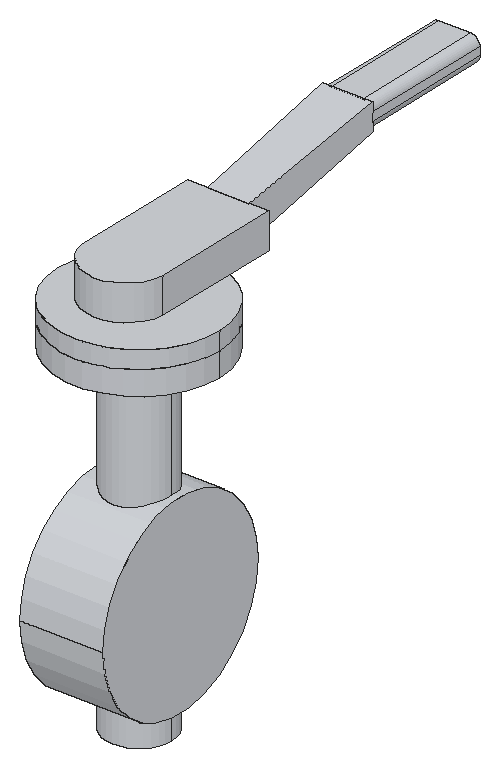
Revit family "HS497-68_disk-nerez_s pákou DN065-RFA_2018", category Pipe Accessories, Revit 2018
Family settings
  Round Connector Dimension = Use Diameter
  Part Type = Valve - Breaks Into
  Work Plane-Based = No
  Always vertical = Yes
  Cut with Voids When Loaded = No
  Shared = No
Parameters (values of type "HS 497-68_DN065_PN16_s pákou")
  magiProductId = "ebeb4b59db0641caaf6d6635ab37b9"
  magiProductFamilyId = "53cea81e6f374d17b8841d9c72ad77"
  magiPartTypeId = 305
  isMeasuringValve [instance] = no
  ang2D [instance] = 0.00°
  X11 = 61.456 mm
  X1 = 25.456 mm
  W2D = 1000 mm
  VersionID = "2.0/2017.9.26.1/ZETKAMA_497_001"
  Use Minimum Symbol Size [instance] = yes
  URL = "http://www.hydronic.cz"
  Type Comments = "mezipřírubová; nerezový disk; PN16; -10~+110°C (krátkodobě +120°C)"
  SW30 = no
  SW3 = no
  SW21 = no
  SW20 = yes
  SW2 = yes
  SW1 = no
  R = 32.5 mm
  QmdConnectorList = "301;D;302;D"
  Productdata [instance] = ""
  NC = 50 mm
  Manufacturer = "Hydronic Systems Prague s.r.o."
  MM20 = 25.456 mm
  MC Product Code = "121 065 (nerezový disk, s pákou; DN65; PN16, kvs167)"
  M41 = 66 mm
  M4 = 44 mm
  LHL = 220 mm
  LHH3 = 2.45 mm
  LHH1 = 46.55 mm
  LH1 = 73.333 mm
  L4R__ve = -L4R  # -12.8 mm
  L4R = 12.8 mm
  L42__ve = -L42  # -96 mm
  L42 = 96 mm
  L41__ve = -L41  # -19.2 mm
  L41 = 19.2 mm
  L2D_Min = 3048 mm
  L2D = 216 mm
  L2 = 23 mm
  L1 = 36.8 mm
  L = 46 mm
  H = 30 mm
  G22 = 11.25 mm
  G2 = 22.5 mm
  G1 = 90 mm
  G = 90 mm
  F = 11 mm
  E44 = 31.25 mm
  E42 = 62.5 mm
  E4 = 125 mm
  E23 = 4.9 mm
  E22 = 19.6 mm
  E21 = 9.8 mm
  Description = "Mezipřírubová uzavírací klapka s pákou; nerezový disk, DN65; PN16; kvs167"
  DR2 = 32.5 mm
  DR = 108 mm
  DD1 = 15.625 mm
  DD = 12.5 mm
  D = 65 mm
  CAT0 = yes
  B2__ve = -B2  # -36.5 mm
  B2 = 36.5 mm
  A2 = 13.5 mm
  A1 = 89 mm
Types (43, lengths in mm): name | magiProductId | X11 | X1 | Type Comments | SW30 | SW3 | SW20 | SW2 | SW1 | R | NC | Manufacturer | MM20 | MC Product Code | M41 | M4 | LHL | LHH3 | LHH1 | LH1 | L4R__ve | L4R | L42__ve | L42 | L41__ve | L41 | L2 | L1 | L | H | G | F | E44 | E42 | E4 | E23 | E22 | E21 | Description | DR2 | DR | DD1 | DD | D | B2__ve | B2 | A2 | A1
  HS 497-68_DN100_PN16_volné vřeteno | "65d1b245f4f142c78569c0602d5754" | 61.456 | 25.456 | "mezipřírubová; nerezový disk; PN16; -10~+110°C (krátkodobě +120°C)" | no | no | no | no | yes | 50 | 50 | "Hydronic Systems Prague s.r.o." | 25.456 | "124 100 (nerezový disk, s volným vřetenem; DN100; PN16, kvs512)" | 66 | 44 | 220 | 2.45 | 46.55 | 73.333 | -12.8 | 12.8 | -96 | 96 | -19.2 | 19.2 | 26 | 41.6 | 52 | 30 | 90 | 11 | 31.25 | 62.5 | 125 | 4.9 | 19.6 | 9.8 | "Mezipřírubová uzavírací klapka s volným vřetenem; nerezový disk, DN100; PN16; kvs512" | 50 | 147 | 15.625 | 12.5 | 100 | -56 | 56 | 16.5 | 98.5
  HS 497-68_DN100_PN16_převodové kolo | "11e91b807e674d428c8e796fcdcfe2" | 61.456 | 25.456 | "mezipřírubová; nerezový disk; PN16; -10~+110°C (krátkodobě +120°C)" | yes | yes | no | no | no | 50 | 50 | "Hydronic Systems Prague s.r.o." | 25.456 | "126 100 (nerezový disk, s převodovým kolem; DN100; PN16, kvs512)" | 65.25 | 43.5 | 220 | 2.45 | 46.55 | 73.333 | -12.8 | 12.8 | -96 | 96 | -19.2 | 19.2 | 26 | 41.6 | 52 | 30 | 90 | 11 | 31.25 | 62.5 | 125 | 4.9 | 19.6 | 9.8 | "Mezipřírubová uzavírací klapka s převodovým kolem; nerezový disk, DN100; PN16; kvs512" | 50 | 147 | 15.625 | 12.5 | 100 | -56 | 56 | 16.5 | 98.5
  HS 497-68_DN100_PN16_s pákou | "28172f0b3f4b47b28323ac71cf8749" | 61.456 | 25.456 | "mezipřírubová; nerezový disk; PN16; -10~+110°C (krátkodobě +120°C)" | no | no | yes | yes | no | 50 | 50 | "Hydronic Systems Prague s.r.o." | 25.456 | "121 100 (nerezový disk, s pákou; DN100; PN16, kvs512)" | 66 | 44 | 260 | 3 | 57 | 86.667 | -12.8 | 12.8 | -96 | 96 | -19.2 | 19.2 | 26 | 41.6 | 52 | 30 | 90 | 11 | 31.25 | 62.5 | 125 | 6 | 24 | 12 | "Mezipřírubová uzavírací klapka s pákou; nerezový disk, DN100; PN16; kvs512" | 50 | 147 | 15.625 | 12.5 | 100 | -56 | 56 | 16.5 | 98.5
  HS 497-68_DN125_PN16_volné vřeteno | "0d813d910fc14f628bb3c2efbd185c" | 61.456 | 25.456 | "mezipřírubová; nerezový disk; PN16; -10~+110°C (krátkodobě +120°C)" | no | no | no | no | yes | 62.5 | 50 | "Hydronic Systems Prague s.r.o." | 25.456 | "124 125 (nerezový disk, s volným vřetenem; DN125; PN16, kvs872)" | 66 | 44 | 220 | 2.45 | 46.55 | 73.333 | -12.8 | 12.8 | -96 | 96 | -19.2 | 19.2 | 28 | 44.8 | 56 | 33 | 90 | 14 | 31.25 | 62.5 | 125 | 4.9 | 19.6 | 9.8 | "Mezipřírubová uzavírací klapka s volným vřetenem; nerezový disk, DN125; PN16; kvs872" | 62.5 | 180 | 15.625 | 12.5 | 125 | -64 | 64 | 18 | 99.5
  HS 497-68_DN125_PN16_převodové kolo | "c56b7c13f372467684996fb1e0e229" | 61.456 | 25.456 | "mezipřírubová; nerezový disk; PN16; -10~+110°C (krátkodobě +120°C)" | yes | yes | no | no | no | 62.5 | 50 | "Hydronic Systems Prague s.r.o." | 25.456 | "126125 (nerezový disk, s převodovým kolem; DN125; PN16, kvs872)" | 65.25 | 43.5 | 220 | 2.45 | 46.55 | 73.333 | -13.5 | 13.5 | -101.25 | 101.25 | -20.25 | 20.25 | 28 | 44.8 | 56 | 33 | 90 | 14 | 40 | 80 | 160 | 4.9 | 19.6 | 9.8 | "Mezipřírubová uzavírací klapka s převodovým kolem; nerezový disk, DN125; PN16; kvs872" | 62.5 | 180 | 20 | 16 | 125 | -64 | 64 | 18 | 99.5
  HS 497-68_DN125_PN16_s pákou | "105993c79a91492399feef7931321a" | 61.456 | 25.456 | "mezipřírubová; nerezový disk; PN16; -10~+110°C (krátkodobě +120°C)" | no | no | yes | yes | no | 62.5 | 50 | "Hydronic Systems Prague s.r.o." | 25.456 | "121 125 (nerezový disk, s pákou; DN125; PN16, kvs872)" | 66 | 44 | 315 | 3.75 | 71.25 | 105 | -12.8 | 12.8 | -96 | 96 | -19.2 | 19.2 | 28 | 44.8 | 56 | 33 | 90 | 14 | 31.25 | 62.5 | 125 | 7.5 | 30 | 15 | "Mezipřírubová uzavírací klapka s pákou; nerezový disk, DN125; PN16; kvs872" | 62.5 | 180 | 15.625 | 12.5 | 125 | -64 | 64 | 18 | 99.5
  HS 497-68_DN150_PN16_volné vřeteno | "50c80cb8ab434f55ab7796e5ac1331" | 61.456 | 25.456 | "mezipřírubová; nerezový disk; PN16; -10~+110°C (krátkodobě +120°C)" | no | no | no | no | yes | 75 | 50 | "Hydronic Systems Prague s.r.o." | 25.456 | "124 150 (nerezový disk, s volným vřetenem; DN150; PN16, kvs1347)" | 66 | 44 | 220 | 2.45 | 46.55 | 73.333 | -12.8 | 12.8 | -96 | 96 | -19.2 | 19.2 | 28 | 44.8 | 56 | 33 | 90 | 14 | 31.25 | 62.5 | 125 | 4.9 | 19.6 | 9.8 | "Mezipřírubová uzavírací klapka s volným vřetenem; nerezový disk, DN150; PN16; kvs1347" | 75 | 206 | 15.625 | 12.5 | 150 | -58 | 58 | 19.3 | 98.7
  HS 497-68_DN150_PN16_převodové kolo | "d94a1a0cf83b476eb10011b327f709" | 61.456 | 25.456 | "mezipřírubová; nerezový disk; PN16; -10~+110°C (krátkodobě +120°C)" | yes | yes | no | no | no | 75 | 50 | "Hydronic Systems Prague s.r.o." | 25.456 | "126 150 (nerezový disk, s převodovým kolem; DN150; PN16, kvs1347)" | 65.25 | 43.5 | 220 | 2.45 | 46.55 | 73.333 | -13.5 | 13.5 | -101.25 | 101.25 | -20.25 | 20.25 | 28 | 44.8 | 56 | 33 | 90 | 14 | 40 | 80 | 160 | 4.9 | 19.6 | 9.8 | "Mezipřírubová uzavírací klapka s převodovým kolem; nerezový disk, DN150; PN16; kvs1347" | 75 | 206 | 20 | 16 | 150 | -58 | 58 | 19.3 | 98.7
  HS 497-68_DN150_PN16_s pákou | "4d2835523fe84828bc50ff0a5a0dfb" | 61.456 | 25.456 | "mezipřírubová; nerezový disk; PN16; -10~+110°C (krátkodobě +120°C)" | no | no | yes | yes | no | 75 | 50 | "Hydronic Systems Prague s.r.o." | 25.456 | "121 150 (nerezový disk, s pákou; DN150; PN16, kvs1347)" | 66 | 44 | 315 | 3.75 | 71.25 | 105 | -12.8 | 12.8 | -96 | 96 | -19.2 | 19.2 | 28 | 44.8 | 56 | 33 | 90 | 14 | 31.25 | 62.5 | 125 | 7.5 | 30 | 15 | "Mezipřírubová uzavírací klapka s pákou; nerezový disk, DN150; PN16; kvs1347" | 75 | 206 | 15.625 | 12.5 | 150 | -58 | 58 | 19.3 | 98.7
  HS 497-68_DN200_PN16_volné vřeteno | "5b29029eaeba47139ee1055a4b9201" | 61.456 | 25.456 | "mezipřírubová; nerezový disk; PN16; -10~+110°C (krátkodobě +120°C)" | no | no | no | no | yes | 100 | 50 | "Hydronic Systems Prague s.r.o." | 25.456 | "124 200 (nerezový disk, s volným vřetenem; DN200; PN16, kvs2675)" | 66 | 44 | 220 | 2.45 | 46.55 | 73.333 | -12.8 | 12.8 | -96 | 96 | -19.2 | 19.2 | 30 | 48 | 60 | 33 | 90 | 17 | 31.25 | 62.5 | 125 | 4.9 | 19.6 | 9.8 | "Mezipřírubová uzavírací klapka s volným vřetenem; nerezový disk, DN200; PN16; kvs2675" | 100 | 257 | 15.625 | 12.5 | 200 | -70 | 70 | 22.5 | 102.5
  HS 497-68_DN200_PN16_převodové kolo | "b2793cc1fcc44cf2a35062cd67c04f" | 61.456 | 25.456 | "mezipřírubová; nerezový disk; PN16; -10~+110°C (krátkodobě +120°C)" | yes | yes | no | no | no | 100 | 57 | "Hydronic Systems Prague s.r.o." | 25.456 | "126 200 (nerezový disk, s převodovým kolem; DN200; PN16, kvs2675)" | 78.75 | 52.5 | 220 | 2.45 | 46.55 | 73.333 | -15.2 | 15.2 | -114 | 114 | -22.8 | 22.8 | 30 | 48 | 60 | 33 | 90 | 17 | 50 | 100 | 200 | 4.9 | 19.6 | 9.8 | "Mezipřírubová uzavírací klapka s převodovým kolem; nerezový disk, DN200; PN16; kvs2675" | 100 | 257 | 25 | 20 | 200 | -70 | 70 | 22.5 | 102.5
  HS 497-68_DN200_PN16_s pákou | "f88d96c7af224537a51e72d7d8fffe" | 61.456 | 25.456 | "mezipřírubová; nerezový disk; PN16; -10~+110°C (krátkodobě +120°C)" | no | no | yes | yes | no | 100 | 50 | "Hydronic Systems Prague s.r.o." | 25.456 | "121 200 (nerezový disk, s pákou; DN200; PN16, kvs2675)" | 66 | 44 | 315 | 3.75 | 71.25 | 105 | -12.8 | 12.8 | -96 | 96 | -19.2 | 19.2 | 30 | 48 | 60 | 33 | 90 | 17 | 31.25 | 62.5 | 125 | 7.5 | 30 | 15 | "Mezipřírubová uzavírací klapka s pákou; nerezový disk, DN200; PN16; kvs2675" | 100 | 257 | 15.625 | 12.5 | 200 | -70 | 70 | 22.5 | 102.5
  HS 497-68_DN250_PN16_volné vřeteno | "b662e8305ca2402b9c510e66e6aa55" | 88.77 | 36.77 | "mezipřírubová; nerezový disk; PN16; -10~+110°C (krátkodobě +120°C)" | no | no | no | no | yes | 125 | 50 | "Hydronic Systems Prague s.r.o." | 36.77 | "124 250 (nerezový disk, s volným vřetenem; DN250; PN16, kvs4555)" | 66 | 44 | 220 | 2.45 | 46.55 | 73.333 | -12.8 | 12.8 | -96 | 96 | -19.2 | 19.2 | 34 | 54.4 | 68 | 23 | 130 | 22 | 31.25 | 62.5 | 125 | 4.9 | 19.6 | 9.8 | "Mezipřírubová uzavírací klapka s volným vřetenem; nerezový disk, DN250; PN16; kvs4555" | 125 | 324 | 15.625 | 12.5 | 250 | -85 | 85 | 28.25 | 129.25
  HS 497-68_DN250_PN16_převodové kolo | "5ee9016806664ddfaa2632711f295c" | 88.77 | 36.77 | "mezipřírubová; nerezový disk; PN16; -10~+110°C (krátkodobě +120°C)" | yes | yes | no | no | no | 125 | 70 | "Hydronic Systems Prague s.r.o." | 36.77 | "126 250 (nerezový disk, s převodovým kolem; DN250; PN16, kvs4555)" | 91.5 | 61 | 220 | 2.45 | 46.55 | 73.333 | -22.2 | 22.2 | -166.5 | 166.5 | -33.3 | 33.3 | 34 | 54.4 | 68 | 23 | 130 | 22 | 62.5 | 125 | 250 | 4.9 | 19.6 | 9.8 | "Mezipřírubová uzavírací klapka s převodovým kolem; nerezový disk, DN250; PN16; kvs4555" | 125 | 324 | 31.25 | 25 | 250 | -85 | 85 | 28.25 | 129.25
  HS 497-68_DN300_PN16_volné vřeteno | "e1886f51ff004380a649519258edf2" | 88.77 | 36.77 | "mezipřírubová; nerezový disk; PN16; -10~+110°C (krátkodobě +120°C)" | no | no | no | no | yes | 150 | 50 | "Hydronic Systems Prague s.r.o." | 36.77 | "124 300 (nerezový disk, s volným vřetenem; DN300; PN16, kvs7037)" | 66 | 44 | 220 | 2.45 | 46.55 | 73.333 | -12.8 | 12.8 | -96 | 96 | -19.2 | 19.2 | 39 | 62.4 | 78 | 23 | 130 | 22 | 31.25 | 62.5 | 125 | 4.9 | 19.6 | 9.8 | "Mezipřírubová uzavírací klapka s volným vřetenem; nerezový disk, DN300; PN16; kvs7037" | 150 | 376 | 15.625 | 12.5 | 300 | -90 | 90 | 30.8 | 127.2
  HS 497-68_DN300_PN16_převodové kolo | "6860f094f77d42088fbebc3c97f755" | 88.77 | 36.77 | "mezipřírubová; nerezový disk; PN16; -10~+110°C (krátkodobě +120°C)" | yes | yes | no | no | no | 150 | 70 | "Hydronic Systems Prague s.r.o." | 36.77 | "126 300 (nerezový disk, s převodovým kolem; DN300; PN16, kvs7037)" | 91.5 | 61 | 220 | 2.45 | 46.55 | 73.333 | -22.2 | 22.2 | -166.5 | 166.5 | -33.3 | 33.3 | 39 | 62.4 | 78 | 23 | 130 | 22 | 62.5 | 125 | 250 | 4.9 | 19.6 | 9.8 | "Mezipřírubová uzavírací klapka s převodovým kolem; nerezový disk, DN300; PN16; kvs7037" | 150 | 376 | 31.25 | 25 | 300 | -90 | 90 | 30.8 | 127.2
  HS 497-68_DN032_PN16_volné vřeteno | "8c5f65de52aa4067a77564107e31b2" | 61.456 | 25.456 | "mezipřírubová; nerezový disk; PN16; -10~+110°C (krátkodobě +120°C)" | no | no | no | no | yes | 16 | 50 | "Hydronic Systems Prague s.r.o." | 25.456 | "124 032 (nerezový disk, s volným vřetenem; DN32; PN16, kvs78)" | 66 | 44 | 220 | 2.45 | 46.55 | 73.333 | -12.8 | 12.8 | -96 | 96 | -19.2 | 19.2 | 16.5 | 26.4 | 33 | 30 | 90 | 11 | 31.25 | 62.5 | 125 | 4.9 | 19.6 | 9.8 | "Mezipřírubová uzavírací klapka s volným vřetenem; nerezový disk, DN32; PN16; kvs78" | 16 | 68 | 15.625 | 12.5 | 32 | -44.2 | 44.2 | 10.25 | 76.25
  HS 497-68_DN032_PN16_převodové kolo | "60aaeffa8b3a4e809ef000e4660060" | 61.456 | 25.456 | "mezipřírubová; nerezový disk; PN16; -10~+110°C (krátkodobě +120°C)" | yes | yes | no | no | no | 16 | 50 | "Hydronic Systems Prague s.r.o." | 25.456 | "126 032 (nerezový disk, s převodovým kolem; DN32; PN16, kvs78)" | 65.25 | 43.5 | 220 | 2.45 | 46.55 | 73.333 | -12.8 | 12.8 | -96 | 96 | -19.2 | 19.2 | 16.5 | 26.4 | 33 | 30 | 90 | 11 | 31.25 | 62.5 | 125 | 4.9 | 19.6 | 9.8 | "Mezipřírubová uzavírací klapka s převodovým kolem; nerezový disk, DN32; PN16; kvs78" | 16 | 68 | 15.625 | 12.5 | 32 | -44.2 | 44.2 | 10.25 | 76.25
  HS 497-68_DN032_PN16_s pákou | "9ad8088d610749a1b871aa2aad8007" | 61.456 | 25.456 | "mezipřírubová; nerezový disk; PN16; -10~+110°C (krátkodobě +120°C)" | no | no | yes | yes | no | 16 | 50 | "Hydronic Systems Prague s.r.o." | 25.456 | "121 032 (nerezový disk, s pákou; DN32; PN16, kvs78)" | 66 | 44 | 220 | 2.45 | 46.55 | 73.333 | -12.8 | 12.8 | -96 | 96 | -19.2 | 19.2 | 16.5 | 26.4 | 33 | 30 | 90 | 11 | 31.25 | 62.5 | 125 | 4.9 | 19.6 | 9.8 | "Mezipřírubová uzavírací klapka s pákou; nerezový disk, DN32; PN16; kvs78" | 16 | 68 | 15.625 | 12.5 | 32 | -44.2 | 44.2 | 10.25 | 76.25
  HS 497-68_DN350_PN10_volné vřeteno | "72a1e05f22944421b7e9596a877137" | 109.255 | 45.255 | "mezipřírubová; nerezový disk; PN10; -10~+110°C (krátkodobě +120°C)" | no | no | no | no | yes | 175 | 50 | "Hydronic Systems Prague s.r.o." | 45.255 | "124 350 (nerezový disk, s volným vřetenem; DN350; PN10, kvs10165)" | 66 | 44 | 220 | 2.45 | 46.55 | 73.333 | -12.8 | 12.8 | -96 | 96 | -19.2 | 19.2 | 39 | 62.4 | 78 | 31 | 160 | 22 | 31.25 | 62.5 | 125 | 4.9 | 19.6 | 9.8 | "Mezipřírubová uzavírací klapka s volným vřetenem; nerezový disk, DN350; PN10; kvs10165" | 175 | 430 | 15.625 | 12.5 | 350 | -88 | 88 | 33.85 | 129.65
  HS 497-68_DN350_PN10_převodové kolo | "a5a01426cb28494ba3afca92f1dace" | 109.255 | 45.255 | "mezipřírubová; nerezový disk; PN10; -10~+110°C (krátkodobě +120°C)" | yes | yes | no | no | no | 175 | 70 | "Hydronic Systems Prague s.r.o." | 45.255 | "126 350 (nerezový disk, s převodovým kolem; DN350; PN10, kvs10165)" | 91.5 | 61 | 220 | 2.45 | 46.55 | 73.333 | -22.2 | 22.2 | -166.5 | 166.5 | -33.3 | 33.3 | 39 | 62.4 | 78 | 31 | 160 | 22 | 62.5 | 125 | 250 | 4.9 | 19.6 | 9.8 | "Mezipřírubová uzavírací klapka s převodovým kolem; nerezový disk, DN350; PN10; kvs10165" | 175 | 430 | 31.25 | 25 | 350 | -88 | 88 | 33.85 | 129.65
  HS 497-68_DN400_PN10_volné vřeteno | "c70ebeb927c04ab99b176e257ad0a7" | 109.255 | 45.255 | "mezipřírubová; nerezový disk; PN10; -10~+110°C (krátkodobě +120°C)" | no | no | no | no | yes | 200 | 50 | "Hydronic Systems Prague s.r.o." | 45.255 | "124 400 (nerezový disk, s volným vřetenem; DN400; PN10, kvs13799)" | 66 | 44 | 220 | 2.45 | 46.55 | 73.333 | -12.8 | 12.8 | -96 | 96 | -19.2 | 19.2 | 51 | 81.6 | 102 | 31 | 160 | 27 | 31.25 | 62.5 | 125 | 4.9 | 19.6 | 9.8 | "Mezipřírubová uzavírací klapka s volným vřetenem; nerezový disk, DN400; PN10; kvs13799" | 200 | 485 | 15.625 | 12.5 | 400 | -108 | 108 | 38 | 142
  HS 497-68_DN400_PN10_převodové kolo | "cc64a4384dcb41b780d81810f4f293" | 109.255 | 45.255 | "mezipřírubová; nerezový disk; PN10; -10~+110°C (krátkodobě +120°C)" | yes | yes | no | no | no | 200 | 72.5 | "Hydronic Systems Prague s.r.o." | 45.255 | "126 400 (nerezový disk, s převodovým kolem; DN400; PN10, kvs13799)" | 103.5 | 69 | 220 | 2.45 | 46.55 | 73.333 | -27.8 | 27.8 | -208.5 | 208.5 | -41.7 | 41.7 | 51 | 81.6 | 102 | 31 | 160 | 27 | 75 | 150 | 300 | 4.9 | 19.6 | 9.8 | "Mezipřírubová uzavírací klapka s převodovým kolem; nerezový disk, DN400; PN10; kvs13799" | 200 | 485 | 37.5 | 30 | 400 | -108 | 108 | 38 | 142
  HS 497-68_DN040_PN16_volné vřeteno | "35f92312390745e88df5b5c325d9ee" | 61.456 | 25.456 | "mezipřírubová; nerezový disk; PN16; -10~+110°C (krátkodobě +120°C)" | no | no | no | no | yes | 20 | 50 | "Hydronic Systems Prague s.r.o." | 25.456 | "124 040 (nerezový disk, s volným vřetenem; DN40; PN16, kvs78)" | 66 | 44 | 220 | 2.45 | 46.55 | 73.333 | -12.8 | 12.8 | -96 | 96 | -19.2 | 19.2 | 16.5 | 26.4 | 33 | 30 | 90 | 11 | 31.25 | 62.5 | 125 | 4.9 | 19.6 | 9.8 | "Mezipřírubová uzavírací klapka s volným vřetenem; nerezový disk, DN40; PN16; kvs78" | 20 | 76 | 15.625 | 12.5 | 40 | -36 | 36 | 11 | 79
  HS 497-68_DN040_PN16_převodové kolo | "d88e968eae3445bc9b7b4e6ff35127" | 61.456 | 25.456 | "mezipřírubová; nerezový disk; PN16; -10~+110°C (krátkodobě +120°C)" | yes | yes | no | no | no | 20 | 50 | "Hydronic Systems Prague s.r.o." | 25.456 | "126 040 (nerezový disk, s převodovým kolem; DN40; PN16, kvs78)" | 65.25 | 43.5 | 220 | 2.45 | 46.55 | 73.333 | -12.8 | 12.8 | -96 | 96 | -19.2 | 19.2 | 16.5 | 26.4 | 33 | 30 | 90 | 11 | 31.25 | 62.5 | 125 | 4.9 | 19.6 | 9.8 | "Mezipřírubová uzavírací klapka s převodovým kolem; nerezový disk, DN40; PN16; kvs78" | 20 | 76 | 15.625 | 12.5 | 40 | -36 | 36 | 11 | 79
  HS 497-68_DN040_PN16_s pákou | "c1b522ca65b4407a98818f232eaacb" | 61.456 | 25.456 | "mezipřírubová; nerezový disk; PN16; -10~+110°C (krátkodobě +120°C)" | no | no | yes | yes | no | 20 | 50 | "Hydronic Systems Prague s.r.o." | 25.456 | "121 040 (nerezový disk, s pákou; DN40; PN16, kvs78)" | 66 | 44 | 220 | 2.45 | 46.55 | 73.333 | -12.8 | 12.8 | -96 | 96 | -19.2 | 19.2 | 16.5 | 26.4 | 33 | 30 | 90 | 11 | 31.25 | 62.5 | 125 | 4.9 | 19.6 | 9.8 | "Mezipřírubová uzavírací klapka s pákou; nerezový disk, DN40; PN16; kvs78" | 20 | 76 | 15.625 | 12.5 | 40 | -36 | 36 | 11 | 79
  HS 497-68_DN450_PN10_volné vřeteno | "a8358bc282f14872b3194e530e590a" | 129.74 | 53.74 | "mezipřírubová; nerezový disk; PN10; -10~+110°C (krátkodobě +120°C)" | no | no | no | no | yes | 225 | 50 | "Hydronic Systems Prague s.r.o." | 53.74 | "124 450 (nerezový disk, s volným vřetenem; DN450; PN10, kvs18514)" | 66 | 44 | 220 | 2.45 | 46.55 | 73.333 | -12.8 | 12.8 | -96 | 96 | -19.2 | 19.2 | 57 | 91.2 | 114 | 38 | 190 | 36 | 31.25 | 62.5 | 125 | 4.9 | 19.6 | 9.8 | "Mezipřírubová uzavírací klapka s volným vřetenem; nerezový, DN450; PN10; kvs18514" | 225 | 536 | 15.625 | 12.5 | 450 | -115 | 115 | 38.05 | 117.45
  HS 497-68_DN450_PN10_převodové kolo | "cdf2d80f54a9414f9cbe50647c0ebd" | 129.74 | 53.74 | "mezipřírubová; nerezový disk; PN10; -10~+110°C (krátkodobě +120°C)" | yes | yes | no | no | no | 225 | 91.5 | "Zetkama" | 53.74 | "126 450 (nerezový disk, s převodovým kolem; DN450; PN10, kvs18514)" | 144.75 | 96.5 | 220 | 2.45 | 46.55 | 73.333 | -32.1 | 32.1 | -240.75 | 240.75 | -48.15 | 48.15 | 57 | 91.2 | 114 | 38 | 190 | 36 | 100 | 200 | 400 | 4.9 | 19.6 | 9.8 | "Mezipřírubová uzavírací klapka s převodovým kolem; nerezový disk, DN450; PN10; kvs18514" | 225 | 536 | 50 | 40 | 450 | -115 | 115 | 38.05 | 117.45
  HS 497-68_DN500_PN10_volné vřeteno | "8c396e27bb2743f98f3c762b6517cd" | 143.397 | 59.397 | "mezipřírubová; nerezový disk; PN10; -10~+110°C (krátkodobě +120°C)" | no | no | no | no | yes | 250 | 50 | "Hydronic Systems Prague s.r.o." | 59.397 | "124 500 (nerezový disk, s volným vřetenem; DN500; PN10, kvs23805)" | 66 | 44 | 220 | 2.45 | 46.55 | 73.333 | -12.8 | 12.8 | -96 | 96 | -19.2 | 19.2 | 63.5 | 101.6 | 127 | 38 | 210 | 36 | 31.25 | 62.5 | 125 | 4.9 | 19.6 | 9.8 | "Mezipřírubová uzavírací klapka s volným vřetenem; nerezový disk, DN500; PN10; kvs23805" | 250 | 593 | 15.625 | 12.5 | 500 | -130 | 130 | 43.25 | 139.25
  HS 497-68_DN500_PN10_převodové kolo | "7647804f32e94cef828a7034a91a46" | 143.397 | 59.397 | "mezipřírubová; nerezový disk; PN10; -10~+110°C (krátkodobě +120°C)" | yes | yes | no | no | no | 250 | 91.5 | "Zetkama" | 59.397 | "126 500 (nerezový disk, s převodovým kolem; DN500; PN10, kvs23805)" | 144.75 | 96.5 | 220 | 2.45 | 46.55 | 73.333 | -32.1 | 32.1 | -240.75 | 240.75 | -48.15 | 48.15 | 63.5 | 101.6 | 127 | 38 | 210 | 36 | 100 | 200 | 400 | 4.9 | 19.6 | 9.8 | "Mezipřírubová uzavírací klapka s převodovým kolem; nerezový disk, DN500; PN10; kvs23805" | 250 | 593 | 50 | 40 | 500 | -130 | 130 | 43.25 | 139.25
  HS 497-68_DN050_volné vřeteno | "d71f296ecd6d4adf8f6e5d9853b4e0" | 61.456 | 25.456 | "mezipřírubová; nerezový disk; PN16; -10~+110°C (krátkodobě +120°C)" | no | no | no | no | yes | 25 | 50 | "Hydronic Systems Prague s.r.o." | 25.456 | "124 050 (nerezový disk, s volným vřetenem; DN50; PN16, kvs98)" | 66 | 44 | 220 | 2.45 | 46.55 | 73.333 | -12.8 | 12.8 | -96 | 96 | -19.2 | 19.2 | 21.5 | 34.4 | 43 | 30 | 90 | 11 | 31.25 | 62.5 | 125 | 4.9 | 19.6 | 9.8 | "Mezipřírubová uzavírací klapka s volným vřetenem; nerezový disk, DN50; PN16; kvs98" | 25 | 100 | 15.625 | 12.5 | 50 | -36.5 | 36.5 | 12 | 83
  HS 497-68_DN050_PN16_převodové kolo | "2fb080deeaed49c58418b94c1da5a4" | 61.456 | 25.456 | "mezipřírubová; nerezový disk; PN16; -10~+110°C (krátkodobě +120°C)" | yes | yes | no | no | no | 25 | 50 | "Hydronic Systems Prague s.r.o." | 25.456 | "126 050 (nerezový disk, s převodovým kolem; DN50; PN16, kvs98)" | 65.25 | 43.5 | 220 | 2.45 | 46.55 | 73.333 | -12.8 | 12.8 | -96 | 96 | -19.2 | 19.2 | 21.5 | 34.4 | 43 | 30 | 90 | 11 | 31.25 | 62.5 | 125 | 4.9 | 19.6 | 9.8 | "Mezipřírubová uzavírací klapka s převodovým kolem; nerezový disk, DN50; PN16; kvs98" | 25 | 100 | 15.625 | 12.5 | 50 | -36.5 | 36.5 | 12 | 83
  HS 497-68_DN050_PN16_s pákou | "dabc632061f94877a994b9b4e68112" | 61.456 | 25.456 | "mezipřírubová; nerezový disk; PN16; -10~+110°C (krátkodobě +120°C)" | no | no | yes | yes | no | 25 | 50 | "Hydronic Systems Prague s.r.o." | 25.456 | "121 050 (nerezový disk, s pákou; DN50; PN16, kvs98)" | 66 | 44 | 220 | 2.45 | 46.55 | 73.333 | -12.8 | 12.8 | -96 | 96 | -19.2 | 19.2 | 21.5 | 34.4 | 43 | 30 | 90 | 11 | 31.25 | 62.5 | 125 | 4.9 | 19.6 | 9.8 | "Mezipřírubová uzavírací klapka s pákou; nerezový disk, DN50; PN16; kvs98" | 25 | 100 | 15.625 | 12.5 | 50 | -36.5 | 36.5 | 12 | 83
  HS 497-68_DN600_PN10_volné vřeteno | "99d5892c14664fce81a7c5903f7711" | 143.397 | 59.397 | "mezipřírubová; nerezový disk; PN10; -10~+110°C (krátkodobě +120°C)" | no | no | no | no | yes | 300 | 50 | "Hydronic Systems Prague s.r.o." | 59.397 | "124 600 (nerezový disk, s volným vřetenem; DN600; PN10, kvs36778)" | 66 | 44 | 220 | 2.45 | 46.55 | 73.333 | -12.8 | 12.8 | -96 | 96 | -19.2 | 19.2 | 77 | 123.2 | 154 | 80 | 210 | 60 | 31.25 | 62.5 | 125 | 4.9 | 19.6 | 9.8 | "Mezipřírubová uzavírací klapka s volným vřetenem; nerezový disk, DN600; PN10; kvs36788" | 300 | 690 | 15.625 | 12.5 | 600 | -140 | 140 | 49.4 | 144.6
  HS 497-68_DN600_PN10_převodové kolo | "b1e26faab48a4c499f6bb11e7e3002" | 143.397 | 59.397 | "mezipřírubová; lnerezový disk; PN10; -10~+110°C (krátkodobě +120°C)" | yes | yes | no | no | no | 300 | 140 | "Hydronic Systems Prague s.r.o." | 59.397 | "126 600 (nerezový disk, s převodovým kolem; DN600; PN10, kvs36778)" | 206.25 | 137.5 | 220 | 2.45 | 46.55 | 73.333 | -40.8 | 40.8 | -306 | 306 | -61.2 | 61.2 | 77 | 123.2 | 154 | 80 | 210 | 60 | 125 | 250 | 500 | 4.9 | 19.6 | 9.8 | "Mezipřírubová uzavírací klapka s převodovým kolem; nerezový disk, DN600; PN10; kvs36788" | 300 | 690 | 62.5 | 50 | 600 | -140 | 140 | 49.4 | 144.6
  HS 497-68_DN065_PN16_volné vřeteno | "5e5e208646e34ec29f889baab5d08e" | 61.456 | 25.456 | "mezipřírubová; lnerezový disk; PN16; -10~+110°C (krátkodobě +120°C)" | no | no | no | no | yes | 32.5 | 50 | "Hydronic Systems Prague s.r.o." | 25.456 | "124 065 (nerezový disk, s volným vřetenem; DN65; PN16, kvs167)" | 66 | 44 | 220 | 2.45 | 46.55 | 73.333 | -12.8 | 12.8 | -96 | 96 | -19.2 | 19.2 | 23 | 36.8 | 46 | 30 | 90 | 11 | 31.25 | 62.5 | 125 | 4.9 | 19.6 | 9.8 | "Mezipřírubová uzavírací klapka s volným vřetenem; nerezový disk, DN65; PN16; kv167" | 32.5 | 108 | 15.625 | 12.5 | 65 | -36.5 | 36.5 | 13.5 | 89
  HS 497-68_DN065_PN16_převodové kolo | "654d74c8d15540b0bfe523d988ccb3" | 61.456 | 25.456 | "mezipřírubová; nerezový disk; PN16; -10~+110°C (krátkodobě +120°C)" | yes | yes | no | no | no | 32.5 | 50 | "Hydronic Systems Prague s.r.o." | 25.456 | "126 065 (nerezový disk, s převodovým kolem; DN65; PN16, kvs167)" | 65.25 | 43.5 | 220 | 2.45 | 46.55 | 73.333 | -12.8 | 12.8 | -96 | 96 | -19.2 | 19.2 | 23 | 36.8 | 46 | 30 | 90 | 11 | 31.25 | 62.5 | 125 | 4.9 | 19.6 | 9.8 | "Mezipřírubová uzavírací klapka s převodovým kolem; nerezový disk, DN65; PN16; kvs167" | 32.5 | 108 | 15.625 | 12.5 | 65 | -36.5 | 36.5 | 13.5 | 89
  HS 497-68_DN065_PN16_s pákou | "ebeb4b59db0641caaf6d6635ab37b9" | 61.456 | 25.456 | "mezipřírubová; nerezový disk; PN16; -10~+110°C (krátkodobě +120°C)" | no | no | yes | yes | no | 32.5 | 50 | "Hydronic Systems Prague s.r.o." | 25.456 | "121 065 (nerezový disk, s pákou; DN65; PN16, kvs167)" | 66 | 44 | 220 | 2.45 | 46.55 | 73.333 | -12.8 | 12.8 | -96 | 96 | -19.2 | 19.2 | 23 | 36.8 | 46 | 30 | 90 | 11 | 31.25 | 62.5 | 125 | 4.9 | 19.6 | 9.8 | "Mezipřírubová uzavírací klapka s pákou; nerezový disk, DN65; PN16; kvs167" | 32.5 | 108 | 15.625 | 12.5 | 65 | -36.5 | 36.5 | 13.5 | 89
  HS 497-68_DN080_PN16_volné vřeteno | "9e85c75c18654e1185a9c48ed6b00e" | 61.456 | 25.456 | "mezipřírubová; nerezový disk; PN16; -10~+110°C (krátkodobě +120°C)" | no | no | no | no | yes | 40 | 50 | "Hydronic Systems Prague s.r.o." | 25.456 | "124 080 (nerezový disk, s volným vřetenem; DN80; PN16, kvs258)" | 66 | 44 | 220 | 2.45 | 46.55 | 73.333 | -12.8 | 12.8 | -96 | 96 | -19.2 | 19.2 | 23 | 36.8 | 46 | 30 | 90 | 11 | 31.25 | 62.5 | 125 | 4.9 | 19.6 | 9.8 | "Mezipřírubová uzavírací klapka s volným vřetenem; nerezový disk, DN80; PN16; kvs258" | 40 | 124 | 15.625 | 12.5 | 80 | -54 | 54 | 14.1 | 86.9
  HS 497-68_DN080_PN16_převodové kolo | "5b3c8238c3d041e68c75b199e7ea46" | 61.456 | 25.456 | "mezipřírubová; nerezový disk; PN16; -10~+110°C (krátkodobě +120°C)" | yes | yes | no | no | no | 40 | 50 | "Hydronic Systems Prague s.r.o." | 25.456 | "126 080 (nerezový disk, s převodovým kolem; DN80; PN16, kvs258)" | 65.25 | 43.5 | 220 | 2.45 | 46.55 | 73.333 | -12.8 | 12.8 | -96 | 96 | -19.2 | 19.2 | 23 | 36.8 | 46 | 30 | 90 | 11 | 31.25 | 62.5 | 125 | 4.9 | 19.6 | 9.8 | "Mezipřírubová uzavírací klapka s převodovým kolem; nerezový disk, DN80; PN16; kvs258" | 40 | 124 | 15.625 | 12.5 | 80 | -54 | 54 | 14.1 | 86.9
  HS 497-68_DN080_PN16_s pákou | "e414795fab0f4eccb99bc3572c5477" | 61.456 | 25.456 | "mezipřírubová; nerezový disk; PN16; -10~+110°C (krátkodobě +120°C)" | no | no | yes | yes | no | 40 | 50 | "Hydronic Systems Prague s.r.o." | 25.456 | "121 080 (nerezový disk, s pákou; DN80; PN16, kvs258)" | 66 | 44 | 260 | 3 | 57 | 86.667 | -12.8 | 12.8 | -96 | 96 | -19.2 | 19.2 | 23 | 36.8 | 46 | 30 | 90 | 11 | 31.25 | 62.5 | 125 | 6 | 24 | 12 | "Mezipřírubová uzavírací klapka s pákou; nerezový disk, DN80; PN16; kvs258" | 40 | 124 | 15.625 | 12.5 | 80 | -54 | 54 | 14.1 | 86.9
  HS 497-68_DN250_PN16_s pákou | "" | 88.77 | 36.77 | "mezipřírubová; nerezový disk; PN16; -10~+110°C (krátkodobě +120°C)" | no | no | yes | yes | no | 125 | 70 | "Hydronic Systems Prague s.r.o." | 36.77 | "121 250 (nerezový disk, s ákou; DN250; PN16, kvs4555)" | 91.5 | 61 | 220 | 2.45 | 46.55 | 73.333 | -22.2 | 22.2 | -166.5 | 166.5 | -33.3 | 33.3 | 34 | 54.4 | 68 | 23 | 130 | 22 | 62.5 | 125 | 250 | 4.9 | 19.6 | 9.8 | "Mezipřírubová uzavírací klapka s pákou; nerezový disk, DN250; PN16; kvs4555" | 125 | 324 | 31.25 | 25 | 250 | -85 | 85 | 28.25 | 129.25
  HS 497-68_DN300_PN16_s pákou | "" | 88.77 | 36.77 | "mezipřírubová; nerezový disk; PN16; -10~+110°C (krátkodobě +120°C)" | no | no | yes | yes | no | 150 | 70 | "Hydronic Systems Prague s.r.o." | 36.77 | "121 300 (nerezový disk, s pákou; DN300; PN16, kvs7037)" | 91.5 | 61 | 220 | 2.45 | 46.55 | 73.333 | -22.2 | 22.2 | -166.5 | 166.5 | -33.3 | 33.3 | 39 | 62.4 | 78 | 23 | 130 | 22 | 62.5 | 125 | 250 | 4.9 | 19.6 | 9.8 | "Mezipřírubová uzavírací klapka s pákou; nerezový disk, DN300; PN16; kvs7037" | 150 | 376 | 31.25 | 25 | 300 | -90 | 90 | 30.8 | 127.2
Reference planes
  plane 1 "Center (Front/Back)": y = 0
  plane 2 "XYPLANE": z = 0
  plane 3 "Center (Left/Right)": x = 0
  plane 4 "473": x = -25.456
  plane 5 "472": x = -66
  plane 6 "471": y = -25.456
  plane 7 "470": y = 25.456
  plane 8 "469": x = -44
  plane 9 "468": y = -115.2
  plane 10 "467": y = -96
  plane 11 "466": z = 166.25
  plane 12 "465": z = 181.55
  plane 13 "464": y = 145.417
  plane 14 "463": z = 171.75
  plane 15 "462": z = 154.6
  plane 16 "461": z = 164.4
  plane 17 "460": y = 72.083
  plane 18 "459": x = -11.25
  plane 19 "458": x = 11.25
  plane 20 "457": y = -6.25
  plane 21 "456": x = -17.5
  plane 22 "455": x = 17.5
  plane 23 "454": z = 169.3
  plane 24 "453": y = 62.083
  plane 25 "452": y = -11.25
  plane 26 "451": x = -22.5
  plane 27 "450": x = 22.5
  plane 28 "449": z = 149.7
  plane 29 "448": z = 144.8
  plane 30 "447": z = -32.5
  plane 31 "446": z = 135
  plane 32 "445": z = 121.5
  plane 33 "444": z = 32.5
  plane 34 "443": x = 23
  plane 35 "442": x = -23
  plane 36 "441": z = 0
  plane 37 "440": y = 0
  plane 38 "439": x = 0
  plane 39 "438": z = 184
  plane 40 "437": z = 169.3
  plane 41 "436": x = 13.7
  plane 42 "435": x = -13.7
  plane 43 "434": y = 220
Forms (mm)
  Extrusion 1, solid, visible <- "SW3"
    sketch origin (-750, 0, 135) x (1, 0, 0) y (0, 1, 0)
      loop
        line (684, 25.456) -> (684, -25.456) -> (724.544, -25.456)
        arc (724.544, -25.456) -> (786, 0) -> (724.544, 25.456) r 36
        line (724.544, 25.456) -> (684, 25.456)
    from 0 to 62.5 <- "E42"
  Extrusion 2, solid, visible <- "SW30"
    sketch origin (0, -750, 0) x (0, 1, 0) y (0, 0, 1)
      loop
        circle (750, 166.25) r 7.813
    from 0 to 50 <- "NC"
  Extrusion 3, solid, visible <- "SW30"
    sketch origin (750, -115.2, 0) x (-1, 0, 0) y (0, 0, 1)
      loop
        circle (794, 166.25) r 62.5
    from 0 to -12.8 <- "L4R__ve"
  Extrusion 4, solid, visible <- "SW3"
    sketch origin (750, -96, 0) x (-1, 0, 0) y (0, 0, 1)
      loop
        circle (794, 166.25) r 7.813
    from 0 to -19.2 <- "L41__ve"
  Extrusion 5, solid, visible <- "SW30"
    sketch origin (750, 0, 0) x (-1, 0, 0) y (0, 0, 1)
      loop
        circle (794, 166.25) r 6.25
    from 0 to -96 <- "L42__ve"
  Blend 6, solid, visible <- "SW21"
    base sketch origin (750, 72.083, 0) x (-1, 0, 0) y (0, 0, 1)
      loop
        line (761.25, 164.4) -> (738.75, 164.4) -> (738.75, 154.6) -> (761.25, 154.6) -> (761.25, 164.4)
    top sketch origin (750, 72.083, 0) x (-1, 0, 0) y (0, 0, 1)
      loop
        line (761.25, 181.55) -> (738.75, 181.55) -> (738.75, 171.75) -> (761.25, 171.75) -> (761.25, 181.55)
    from 0 to 73.333
  Blend 7, solid, visible <- "SW21"
    base sketch origin (750, 62.083, 0) x (-1, 0, 0) y (0, 0, 1)
      loop
        line (761.25, 169.3) -> (738.75, 169.3) -> (738.75, 149.7) -> (761.25, 149.7) -> (761.25, 169.3)
    top sketch origin (750, 62.083, 0) x (-1, 0, 0) y (0, 0, 1)
      loop
        line (761.25, 164.4) -> (738.75, 164.4) -> (738.75, 154.6) -> (761.25, 154.6) -> (761.25, 164.4)
    from 0 to 10
  Blend 8, solid, visible <- "SW21"
    base sketch origin (-750, 0, 149.7) x (1, 0, 0) y (0, 1, 0)
      loop
        line (772.5, 62.083) -> (727.5, 62.083) -> (727.5, -11.25)
        arc (727.5, -11.25) -> (750, -31.25) -> (772.5, -11.25) r 22.656
        line (772.5, -11.25) -> (772.5, 62.083)
    top sketch origin (-750, 0, 149.7) x (1, 0, 0) y (0, 1, 0)
      loop
        line (767.5, 62.083) -> (732.5, 62.083) -> (732.5, -6.25)
        arc (732.5, -6.25) -> (750, -26.25) -> (767.5, -6.25) r 17.656
        line (767.5, -6.25) -> (767.5, 62.083)
    from 0 to 19.6
  Extrusion 9, solid, visible <- "SW2"
    sketch origin (-750, 0, 144.8) x (1, 0, 0) y (0, 1, 0)
      loop
        circle (750, 0) r 11.25
    from 0 to 4.9 <- "E23"
  Extrusion 10, solid, visible <- "SW2"
    sketch origin (-750, 0, 135) x (1, 0, 0) y (0, 1, 0)
      loop
        circle (750, 0) r 45
    from 0 to 9.8 <- "E21"
  Extrusion 11, solid, visible <- "CAT0"
    sketch origin (-750, 0, -32.5) x (1, 0, 0) y (0, 1, 0)
      loop
        circle (750, 0) r 18.4
    from 0 to -36.5 <- "B2__ve"
  Extrusion 12, solid, visible <- "CAT0"
    sketch origin (-750, 0, 121.5) x (1, 0, 0) y (0, 1, 0)
      loop
        circle (750, 0) r 45
    from 0 to 13.5 <- "A2"
  Extrusion 13, solid, visible <- "CAT0"
    sketch origin (-750, 0, 32.5) x (1, 0, 0) y (0, 1, 0)
      loop
        circle (750, 0) r 18.4
    from 0 to 89 <- "A1"
  Extrusion 14, solid, visible <- "CAT0"
    sketch origin (-23, -750, 0) x (0, 1, 0) y (0, 0, 1)
      loop
        circle (750, 0) r 54
    from 0 to 46 <- "L"
  Extrusion 15, solid, visible <- "SW1"
    sketch origin (-750, 0, 135) x (1, 0, 0) y (0, 1, 0)
      loop
        line (755.5, 5.5) -> (744.5, 5.5) -> (744.5, -5.5) -> (755.5, -5.5) -> (755.5, 5.5)
    from 0 to 30 <- "H"
  Blend 16, solid, visible <- "SW2"
    base sketch origin (750, 145.417, 0) x (-1, 0, 0) y (0, 0, 1)
      loop
        arc (763.7, 179) -> (762.236, 182.536) -> (758.7, 184) r 5
        line (758.7, 184) -> (741.3, 184)
        arc (741.3, 184) -> (737.764, 182.536) -> (736.3, 179) r 5
        line (736.3, 179) -> (736.3, 174.3)
        arc (736.3, 174.3) -> (737.764, 170.764) -> (741.3, 169.3) r 5
        line (741.3, 169.3) -> (758.7, 169.3)
        arc (758.7, 169.3) -> (762.236, 170.764) -> (763.7, 174.3) r 5
        line (763.7, 174.3) -> (763.7, 179)
    top sketch origin (750, 145.417, 0) x (-1, 0, 0) y (0, 0, 1)
      loop
        arc (763.7, 179) -> (762.236, 182.536) -> (758.7, 184) r 5
        line (758.7, 184) -> (741.3, 184)
        arc (741.3, 184) -> (737.764, 182.536) -> (736.3, 179) r 5
        line (736.3, 179) -> (736.3, 174.3)
        arc (736.3, 174.3) -> (737.764, 170.764) -> (741.3, 169.3) r 5
        line (741.3, 169.3) -> (758.7, 169.3)
        arc (758.7, 169.3) -> (762.236, 170.764) -> (763.7, 174.3) r 5
        line (763.7, 174.3) -> (763.7, 179)
    from 0 to 74.583
  Blend 17, solid, visible <- "SW20"
    base sketch origin (750, 145.417, 0) x (-1, 0, 0) y (0, 0, 1)
      loop
        line (763.7, 184) -> (736.3, 184) -> (736.3, 169.3) -> (763.7, 169.3) -> (763.7, 184)
    top sketch origin (750, 145.417, 0) x (-1, 0, 0) y (0, 0, 1)
      loop
        line (761.25, 169.3) -> (738.75, 169.3) -> (738.75, 149.7) -> (761.25, 149.7) -> (761.25, 169.3)
    from 0 to -83.333
  Extrusion 18, solid, visible <- "SW20"
    sketch origin (-750, 0, 149.7) x (1, 0, 0) y (0, 1, 0)
      loop
        line (772.5, 62.083) -> (727.5, 62.083) -> (727.5, -11.25)
        arc (727.5, -11.25) -> (750, -31.25) -> (772.5, -11.25) r 22.656
        line (772.5, -11.25) -> (772.5, 62.083)
    from 0 to 19.6 <- "E22"
  Extrusion 19, solid, not visible
    sketch origin (-23, -750, 0) x (0, 1, 0) y (0, 0, 1)
      loop
        circle (750, 0) r 10
    from 0 to 10
  Extrusion 20, solid, not visible
    sketch origin (23, -750, 0) x (0, 1, 0) y (0, 0, 1)
      loop
        circle (750, 0) r 10
    from 0 to -10
Lines and regions (mm)
  reference lines, not visible
    curve 1: circle (2, 2, 0) r 1 normal (0, 0, 1)
  reference lines
    curve 2: line (-25.456, -25.456, 135) -> (-25.456, 25.456, 135)
    curve 3: line (-17.5, -6.25, 149.7) -> (17.5, -6.25, 149.7)
    curve 4: line (-22.5, -11.25, 149.7) -> (22.5, -11.25, 149.7)
    curve 5: circle (0, 0, 135) r 1 normal (0, 0, 1)
    curve 6: line (-22.5, -11.25, 149.7) -> (22.5, -11.25, 149.7)
Dimensions and locks
  plane 1 "Center (Front/Back)" to curve 1 = 2 mm
  "X1": plane 3 "Center (Left/Right)" to plane 4 "473"
  "M41": plane 3 "Center (Left/Right)" to plane 5 "472"
  "MM20": plane 1 "Center (Front/Back)" to plane 6 "471"
  "MM20": plane 1 "Center (Front/Back)" to plane 7 "470"
  "M4": plane 3 "Center (Left/Right)" to plane 8 "469"
  "L41": plane 10 "467" to plane 9 "468"
  "L42": plane 1 "Center (Front/Back)" to plane 10 "467"
  "E44": plane 31 "446" to plane 11 "466"
  "LHH1": plane 31 "446" to plane 12 "465"
  "LH1": plane 17 "460" to plane 13 "464"
  "E21": plane 12 "465" to plane 14 "463"
  "E21": plane 16 "461" to plane 15 "462"
  "E23": plane 23 "454" to plane 16 "461"
  locked: plane 24 "453" to plane 17 "460" at 10
  "G22": plane 3 "Center (Left/Right)" to plane 18 "459"
  "G22": plane 3 "Center (Left/Right)" to plane 19 "458"
  locked: plane 25 "452" to plane 20 "457" at 5
  locked: plane 26 "451" to plane 21 "456" at 5
  locked: plane 27 "450" to plane 22 "455" at 5
  "E22": plane 28 "449" to plane 23 "454"
  "LH1": plane 25 "452" to plane 24 "453"
  "G22": plane 1 "Center (Front/Back)" to plane 25 "452"
  "G2": plane 3 "Center (Left/Right)" to plane 26 "451"
  "G2": plane 3 "Center (Left/Right)" to plane 27 "450"
  "E23": plane 29 "448" to plane 28 "449"
  "E21": plane 31 "446" to plane 29 "448"
  "R": plane 2 "XYPLANE" to plane 30 "447"
  "A2": plane 32 "445" to plane 31 "446"
  "A1": plane 33 "444" to plane 32 "445"
  "DR2": plane 2 "XYPLANE" to plane 33 "444"
  "L2": plane 3 "Center (Left/Right)" to plane 34 "443"
  "L2": plane 3 "Center (Left/Right)" to plane 35 "442"
  locked: plane 2 "XYPLANE" to plane 36 "441"
  locked: plane 1 "Center (Front/Back)" to plane 37 "440"
  locked: plane 3 "Center (Left/Right)" to plane 38 "439"
  "LHH3": plane 12 "465" to plane 39 "438"
  "LHH3": plane 14 "463" to plane 40 "437"
  "LHH3": plane 19 "458" to plane 41 "436"
  "LHH3": plane 18 "459" to plane 42 "435"
  "LHL": plane 1 "Center (Front/Back)" to plane 43 "434"
  "X11": curve 2 to Extrusion 1 sketch curve
  Extrusion 1 sketch curve to Extrusion 1 sketch curve = 0 mm  (x8)
  Blend 6 sketch curve to Blend 6 sketch curve = 0 mm  (x16)
  Blend 7 sketch curve to Blend 7 sketch curve = 0 mm  (x16)
  Blend 8 sketch curve to Blend 8 sketch curve = 0 mm  (x16)
  equal spacing: Extrusion 15 sketch curve, curve 5, Extrusion 15 sketch curve  (x2)
  "F": Extrusion 15 sketch curve to Extrusion 15 sketch curve  (x2)
  Blend 16 sketch curve to Blend 16 sketch curve = 0 mm  (x32)
  Blend 17 sketch curve to Blend 17 sketch curve = 0 mm  (x16)
  Extrusion 18 sketch curve to Extrusion 18 sketch curve = 0 mm  (x8)
  "DD1": diameter of Extrusion 2 sketch curve
  "E4": diameter of Extrusion 3 sketch curve
  "DD1": diameter of Extrusion 4 sketch curve
  "DD": diameter of Extrusion 5 sketch curve
  "G2": diameter of Extrusion 9 sketch curve
  "G1": diameter of Extrusion 10 sketch curve
  "L1": diameter of Extrusion 11 sketch curve
  "G": diameter of Extrusion 12 sketch curve
  "L1": diameter of Extrusion 13 sketch curve
  "DR": diameter of Extrusion 14 sketch curve
  radius of Blend 16 sketch curve = 5 mm  (x8)
  aligned and locked: level to plane 2 "XYPLANE"
  aligned and locked: Extrusion 1 sketch curve to plane 5 "472"
  aligned and locked: plane 7 "470" to Extrusion 1 sketch curve
  aligned and locked: plane 6 "471" to Extrusion 1 sketch curve
  aligned and locked: plane 5 "472" to Extrusion 1 sketch curve
  aligned and locked: plane 4 "473" to Extrusion 1 sketch curve  (x2)
  aligned and locked: plane 4 "473" to curve 2
  aligned and locked: plane 6 "471" to curve 2
  aligned and locked: plane 7 "470" to curve 2
  aligned and locked: Extrusion 1 sketch curve to plane 7 "470"
  aligned and locked: plane 11 "466" to Extrusion 2 sketch curve
  aligned and locked: plane 37 "440" to Extrusion 2 sketch curve
  aligned and locked: plane 8 "469" to Extrusion 3 sketch curve
  aligned and locked: plane 11 "466" to Extrusion 3 sketch curve
  aligned and locked: plane 8 "469" to Extrusion 4 sketch curve
  aligned and locked: plane 11 "466" to Extrusion 4 sketch curve
  aligned and locked: plane 8 "469" to Extrusion 5 sketch curve
  aligned and locked: plane 11 "466" to Extrusion 5 sketch curve
  aligned and locked: plane 12 "465" to Blend 6 sketch curve  (x2)
  aligned and locked: plane 18 "459" to Blend 6 sketch curve  (x4)
  aligned and locked: plane 19 "458" to Blend 6 sketch curve  (x4)
  aligned and locked: plane 14 "463" to Blend 6 sketch curve  (x2)
  aligned and locked: plane 16 "461" to Blend 6 sketch curve  (x2)
  aligned and locked: plane 15 "462" to Blend 6 sketch curve  (x2)
  aligned and locked: plane 13 "464" to Blend 6
  aligned and locked: plane 16 "461" to Blend 7 sketch curve  (x2)
  aligned and locked: plane 18 "459" to Blend 7 sketch curve  (x4)
  aligned and locked: plane 19 "458" to Blend 7 sketch curve  (x4)
  aligned and locked: plane 15 "462" to Blend 7 sketch curve  (x2)
  aligned and locked: plane 23 "454" to Blend 7 sketch curve  (x2)
  aligned and locked: plane 28 "449" to Blend 7 sketch curve  (x2)
  aligned and locked: plane 17 "460" to Blend 7
  aligned and locked: plane 24 "453" to Blend 8 sketch curve  (x4)
  aligned and locked: plane 22 "455" to Blend 8 sketch curve  (x2)
  aligned and locked: plane 21 "456" to Blend 8 sketch curve
  aligned and locked: plane 20 "457" to Blend 8 sketch curve  (x2)
  aligned and locked: curve 3 to plane 20 "457"
  aligned and locked: plane 21 "456" to curve 3
  aligned and locked: plane 22 "455" to curve 3
  aligned and locked: plane 27 "450" to Blend 8 sketch curve  (x2)
  aligned and locked: plane 26 "451" to Blend 8 sketch curve
  aligned and locked: plane 25 "452" to Blend 8 sketch curve  (x2)
  aligned and locked: curve 4 to plane 25 "452"
  aligned and locked: plane 26 "451" to curve 4
  aligned and locked: plane 27 "450" to curve 4
  aligned and locked: plane 23 "454" to Blend 8
  aligned and locked: plane 37 "440" to Extrusion 9 sketch curve
  aligned and locked: plane 38 "439" to Extrusion 9 sketch curve
  aligned and locked: plane 37 "440" to Extrusion 10 sketch curve
  aligned and locked: plane 38 "439" to Extrusion 10 sketch curve
  aligned and locked: plane 37 "440" to Extrusion 11 sketch curve
  aligned and locked: plane 38 "439" to Extrusion 11 sketch curve
  aligned and locked: plane 37 "440" to Extrusion 12 sketch curve
  aligned and locked: plane 38 "439" to Extrusion 12 sketch curve
  aligned and locked: plane 37 "440" to Extrusion 13 sketch curve
  aligned and locked: plane 38 "439" to Extrusion 13 sketch curve
  aligned and locked: plane 36 "441" to Extrusion 14 sketch curve
  aligned and locked: Extrusion 14 sketch curve to plane 37 "440"
  aligned and locked: plane 37 "440" to curve 5
  aligned and locked: plane 38 "439" to curve 5
  aligned and locked: plane 39 "438" to Blend 16 sketch curve  (x2)
  aligned and locked: plane 41 "436" to Blend 16 sketch curve  (x2)
  aligned and locked: Blend 16 sketch curve to plane 40 "437"  (x2)
  aligned and locked: Blend 16 sketch curve to plane 42 "435"  (x2)
  aligned and locked: plane 43 "434" to Blend 16
  aligned and locked: plane 23 "454" to Blend 17 sketch curve  (x2)
  aligned and locked: plane 18 "459" to Blend 17 sketch curve  (x2)
  aligned and locked: plane 19 "458" to Blend 17 sketch curve  (x2)
  aligned and locked: plane 28 "449" to Blend 17 sketch curve  (x2)
  aligned and locked: plane 39 "438" to Blend 17 sketch curve  (x2)
  aligned and locked: plane 42 "435" to Blend 17 sketch curve  (x2)
  aligned and locked: plane 41 "436" to Blend 17 sketch curve  (x2)
  aligned and locked: plane 40 "437" to Blend 17 sketch curve  (x2)
  aligned and locked: Blend 17 to plane 24 "453"
  aligned and locked: plane 24 "453" to Extrusion 18 sketch curve  (x2)
  aligned and locked: plane 27 "450" to Extrusion 18 sketch curve  (x2)
  aligned and locked: plane 26 "451" to Extrusion 18 sketch curve
  aligned and locked: plane 25 "452" to Extrusion 18 sketch curve  (x2)
  aligned and locked: curve 6 to plane 25 "452"
  aligned and locked: plane 26 "451" to curve 6
  aligned and locked: plane 27 "450" to curve 6
  aligned and locked: plane 36 "441" to Extrusion 19 sketch curve
  aligned and locked: Extrusion 19 sketch curve to plane 37 "440"
  aligned and locked: plane 36 "441" to Extrusion 20 sketch curve
  aligned and locked: Extrusion 20 sketch curve to plane 37 "440"
Automatic sketch dimensions
  Blend 8 sketch curve to plane 20 "457" = 2.344 mm  (x2)
  Extrusion 18 sketch curve to plane 20 "457" = 2.344 mm
  plane 25 "452" to Extrusion 19 sketch curve = 1.25 mm
  plane 25 "452" to Extrusion 20 sketch curve = 1.25 mm
  plane 3 "Center (Left/Right)" to curve 1 = 2 mm
  Extrusion 15 sketch curve to plane 3 "Center (Left/Right)" = 5.5 mm
  plane 20 "457" to Extrusion 15 sketch curve = 0.75 mm
  radius of curve 5 = 1 mm
  radius of curve 1 = 1 mm
Connectors
  piping at (-23, 0, 0), diameter 65, driven by "D"
    settings: on Extrusion 19, index 1, connector inside diameter 609.6 mm, connector length 0 mm, flow factor 0, pipe flow 0.0 L/s, pressure drop 0.0 Pa, fitting loss kfactor 0, connector angle 0.00°, fixture units 0, engagement length 0 mm, angle of deflection 0.00°, flow configuration 0, flow direction 0, fitting loss method 0, system type 29, joint type 0, gender type 0, connector reference index 2, connector utility 0, adjustable connector no, is connector primary yes, connector description ""
  piping at (23, 0, 0), diameter 65, driven by "D"
    settings: on Extrusion 20, index 2, connector inside diameter 609.6 mm, connector length 0 mm, flow factor 0, pipe flow 0.0 L/s, pressure drop 0.0 Pa, fitting loss kfactor 0, connector angle 0.00°, fixture units 0, engagement length 0 mm, angle of deflection 0.00°, flow configuration 0, flow direction 0, fitting loss method 0, system type 29, joint type 0, gender type 0, connector reference index 1, connector utility 0, adjustable connector no, is connector primary no, connector description ""
